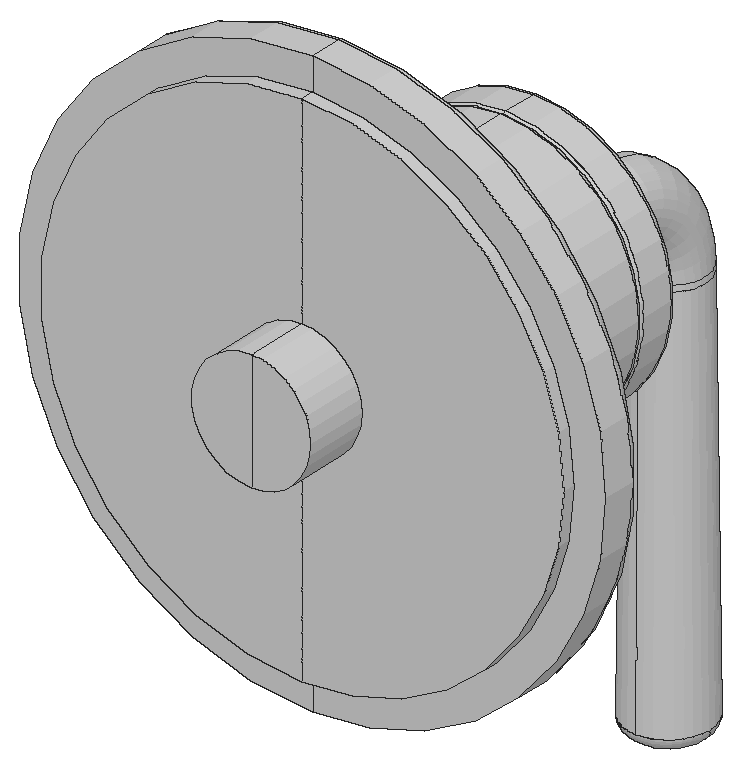
Revit family "CPT-4620", category Plumbing Equipment, host Wall, Revit 2023
Family settings
  Host = Wall
  Round Connector Dimension = Use Diameter
  Classification = None
  Part Type = Normal
  Always vertical = Yes
  Cut with Voids When Loaded = No
  Maintain Annotation Orientation = No
  Shared = No
  Room Calculation Point = No
Parameters
  Material = Steel
  Default Elevation = 0' - 0"
Reference planes (in)
  plane 1: y = 0
  plane 2 "Center (Left/Right)": x = 0
  plane 3 "Wall Edge": y = 3
  plane 4: z = 72
  plane 5: z = 68.5625
  plane 6: y = 6.3125
  plane 7: y = 6.3125
  plane 8: z = 68.5625
Forms (in)
  Revolve 1, solid, material "Steel" <- "Material"
    sketch origin (0, 0, 0) x (0, 1, 0) y (0, 0, 1)
      loop
        line (2.48272, 72) -> (3.5, 72) -> (3.5, 73.36934)
        arc (3.5, 73.36934) -> (3.48686, 73.40107) -> (3.45513, 73.41422) r 0.04487
        line (3.45513, 73.41422) -> (3.38686, 73.41422) -> (3.38686, 73.55116)
        arc (3.38686, 73.55116) -> (3.30553, 73.72428) -> (3.27763, 73.91351) r 0.65564
        line (3.27763, 73.91351) -> (3.27763, 73.94583)
        arc (3.27763, 73.94583) -> (3.26176, 73.98413) -> (3.22346, 74) r 0.05417
        line (3.22346, 74) -> (3, 74) -> (3, 73.77807) -> (2.9126, 73.77807) -> (2.9126, 72.40614) -> (2.48272, 72.40614) -> (2.48272, 72)
      axis (2.48272, 72) -> (3.5, 72)
    angle from 0 to 360
  Revolve 2, solid, material "Steel" <- "Material"
    sketch origin (0, 0, 0) x (0, 1, 0) y (0, 0, 1)
      loop
        line (5.44145, 72) -> (5.44145, 72.25)
        arc (5.44145, 72.25) -> (5.26049, 72.29473) -> (5.12122, 72.41863) r 0.38837
        line (5.12122, 72.41863) -> (5.12122, 72.45501)
        arc (5.12122, 72.45501) -> (5.106, 72.48927) -> (5.07038, 72.50094) r 0.04617
        line (5.07038, 72.50094) -> (5.03778, 72.50094) -> (5.03778, 72.7425)
        arc (5.03778, 72.7425) -> (4.95354, 72.8027) -> (4.91924, 72.9004) r 0.17167
        arc (4.91924, 72.9004) -> (4.90761, 72.9267) -> (4.88096, 72.9375) r 0.0383
        line (4.88096, 72.9375) -> (4.64885, 72.9375)
        arc (4.64885, 72.9375) -> (4.63373, 72.93124) -> (4.62747, 72.91612) r 0.02138
        arc (4.62747, 72.91612) -> (4.62121, 72.93124) -> (4.6061, 72.9375) r 0.02138
        line (4.6061, 72.9375) -> (4.12985, 72.9375)
        arc (4.12985, 72.9375) -> (4.11178, 72.93083) -> (4.10237, 72.91403) r 0.02782
        line (4.10237, 72.91403) -> (3.5, 72.91403) -> (3.5, 72) -> (5.44145, 72)
      axis (3.5, 72) -> (5.44145, 72)
    angle from 0 to 360
  Sweep 3, solid, material "Steel" <- "Material"
    path origin (0, 0, 0) x (0, 1, 0) y (0, 0, 1)
      loop
        line (6.03125, 70.68428) -> (6.03125, 71.4102)
        arc (6.03125, 71.4102) -> (5.8585, 71.82725) -> (5.44145, 72) r 0.5898
        line (5.44145, 72) -> (5.37181, 72)
    profile origin (0, 5.40663, 72) x (0, 0, -1) y (1, 0, 0)
      loop
        circle (0, 0) r 0.25
  SweptBlend 4, solid, material "Steel" <- "Material"
    path origin (0, -0.75, 0) x (0, 1, 0) y (0, 0, 1)
      loop
        line (6.78125, 68.6548) -> (6.78125, 71.36749)
    profile origin (0, 6.03125, 68.6548) x (0, -1, 0) y (1, 0, 0)
      loop
        circle (0, 0) r 0.28125
    end profile origin (0, 6.03125, 71.36749) x (0, -1, 0) y (1, 0, 0)
      loop
        circle (0, 0) r 0.25
  Revolve 5, solid, material "Steel" <- "Material"
    sketch origin (0, 6.03125, 68.6548) x (0, 0, 1) y (-1, 0, 0)
      loop
        line (0, 0) -> (0, 0.28125)
        arc (0, 0.28125) -> (-0.06573, 0.24883) -> (-0.0923, 0.18052) r 0.10111
        line (-0.0923, 0.18052) -> (-0.0923, 0) -> (0, 0)
      axis (0, 0) -> (-0.0923, 0)
    angle from 0 to 360
Cuts and joins
  joined: Sweep 3, SweptBlend 4
Lines and regions (in)
  symbolic lines
    curve 1: line (0, 6.67836, 72.49325) -> (0, 6.67836, 71.49136)
  symbolic lines, not visible
    curve 2: circle (0, 6.67836, 71.99231) r 0.9375 normal (0, -1, 0)
Dimensions and locks (in)
  locked: plane 3 "Wall Edge" to host wall
  plane 5 to plane 4 = 0' - 3 7/16"
  plane 6 to plane 3 "Wall Edge" = 0' - 3 5/16"
  Revolve 1 to plane 8 = 0' - 5 7/16"
  diameter of curve 2 = 0' - 1 7/8"
  diameter of Revolve 1 = 0' - 4"
